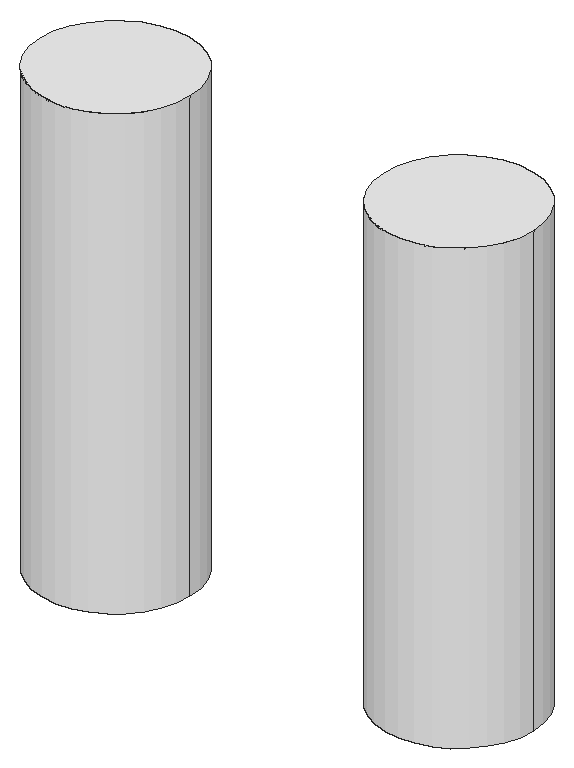
Revit family "93012009(2023)", category Plumbing Fixtures, Revit 2020
Family settings
  Round Connector Dimension = Use Diameter
  Part Type = Normal
  OmniClass Number = 23.45.55.00
  OmniClass Title = Sanitary Faucets, Wastes
  Work Plane-Based = No
  Always vertical = Yes
  Cut with Voids When Loaded = No
  Shared = No
  Room Calculation Point = No
Parameters (values of type "93012009 HANSAELECTRA")
  Working Pressure = "100 - 1000 kPa"
  WarrantyStartDate [instance] = "n/a"
  WarrantyGuarantorParts = "n/a"
  WarrantyGuarantorLabor = "n/a"
  WarrantyDurationUnit = "Year"
  WarrantyDurationParts = "n/a"
  WarrantyDurationLabor = "n/a"
  WarrantyDescription = "http://warranty.hansa.com"
  Warranty Information URL = "http://warranty.hansa.com"
  VersionDate = "20/02/2024"
  Version = "1"
  ValvePattern = "n/a"
  ValveOperation = "n/a"
  ValveMechanism = "n/a"
  Uniclass2015Reference = "Pr_40_20_87_96"
  Uniclass2015Description = "Washbasin manual water supply sets"
  Uniclass2 = "Pr_40_30_96_96"
  URL WEEE = "http://static.hansa.com/WEEE/93012009"
  URL REACH = "http://static.hansa.com/doc/reach"
  URL Materials Declaration = "http://www.hansa.com/fileadmin/resources/188806_93012009_materialsdeclaration.pdf"
  URL Environmental Product Declaration EPD = "http://www.hansa.com/fileadmin/resources/189536_Oras Group EPD_Touchless composite washbasin faucet.pdf"
  URL EcoLabel Declaration = "http://static.hansa.com/doc/EcoLabel"
  URL EU Packaging Declaration = "http://static.hansa.com/doc/packaging"
  URL Declaration of SCIP = "http://static.hansa.com/doc/SCIP"
  URL Declaration of Conformity = "http://static.hansa.com/DoC/93012009"
  URL Declaration of Asbestos = "http://static.hansa.com/doc/asbestos"
  URL Declaration Of Performance (DOP) = "http://static.hansa.com/doc/DoP"
  URL = ""
  UNSPSC Class Number = "30181700 Faucets or taps"
  Type Comments = ""
  TestPressure = "n/a"
  Technical DataSheet URL = "http://www.hansa.com/datasheet/93012009/en"
  TagNumber [instance] = "n/a"
  SustainabilityPerformance = "n/a"
  Surface treatment = "Chrome"
  Spout Type = "Fixed spout"
  Spout Projection = "118 mm"
  Size = "55x165x190 mm"
  Short Marketing = "Electra 93 series is giving you a whole new modern design with its rounded square body and spout giving you new fresh and updated design.\nThe tall design compliments the new trends of modern bathroom of more square design and shallow sinks, where the extra height gives you more comfortable usage.\n\nKey Features\nAerator with Tilt function +/- 10° for more flexible installation\nNewest Sensor technology for better detection and operation comfort\nBluetooth technology for easy adjustment to personalize settings \nColdwater\nPower Plug"
  Shape = "Sculptured"
  SerialNumber [instance] = "n/a"
  Sales Package dimensions (LxWxH) = "568 x 182 x 78"
  Revision = "n/a"
  ReplacementCost = "n/a"
  Protection Class = "IP 55 / transformer IP 20"
  ProductInformation = "n/a"
  Product URL = "http://static.hansa.com/93012009"
  Product Image URL = "http://static.hansa.com/image/93012009"
  Product Family = "null Touchless;Plug transformer;Bluetooth®;Lead free"
  Product Code = "93012009"
  OperatingMechanismMaterial = "n/a"
  Operating Voltage = 9 V
  Operating Distance = "20-130 mm (110/130/160 mm)"
  NominalWidth = 54.609 mm
  NominalHeight = 190 mm
  NominalDepth = 163.081 mm
  Noise Class = "I (ISO 3822) "
  Name_en = "93012009 HANSAELECTRA"
  Name = "93012009 HANSAELECTRA"
  NBSReference = "45-35-70/371"
  NBSDescription = "Water supply fittings for wash basins and troughs"
  Mounting Holes = "1 hole"
  ModelReference = "93012009"
  ModelNumber = "n/a"
  Model = "93012009 HANSAELECTRA"
  Mobile Product Information URL = "http://mpi.hansa.com/93012009"
  Mechanical Parts = "Non-return valve(s);Litter filter(s)"
  Max. Hot Water Supply = 70 °C
  Max Flow Period = "2 min (1 - 1800 s)"
  Material = "Composite"
  Market = "International;Germany;Austria;Switzerland;Belgium;Netherlands;Italy"
  ManufacturerURL = "http://www.hansa.com"
  ManufacturerName = "HANSA"
  Manufacturer = "HANSA"
  Long Marketing = "Bluetooth Touchless faucet with tilt aerator. +/- 10° adjustment option.\nSMART intelligent bluetooth sensor with 3 optical lenses for improved performance supported by app connection for personalized and easy adjustment of sensor settings.\nMetal free waterways due to high pressure composite construction and easy installation due to fast and easy 3S installation system."
  Keynote = ""
  Interactive AR View URL = "https://static.hansa.com/AR/93012009"
  InstallationDate [instance] = "n/a"
  Installation and Maintenance Guide URL = "http://static.hansa.com/manual/93012009"
  Installation Type = "Deck mounted"
  InletConnectionSize = 10 mm
  IfcExportType = "FAUCET"  # constant formula
  IfcExportAs = "IfcValveType"  # constant formula
  Group = "Sales item"
  Grade = "n/a"
  FlowCoefficient = 0
  Finish = "Polished"
  Features = "Washbasin faucet"
  FaucetMainMaterial = Brass
  FDV Document URL = "http://www.hansa.com/datasheet/93012009/en/fdv"
  ExpectedLife = "n/a"
  Electronic Parts = ";Power supply;Light indicated function(s)"
  Electrical Connection = "230 / 9 V"
  ETIM Class Number = "EC010340 Electronic tap"
  EN Standard = "EN 15091,\nETSI EN 301 489-1 V1.9.2 , \nETSI EN 300 328 v2.2.2 , \nEN 61000-6-1:2007 , \nEN 61000-6-3:2007+A1:2011+AC:2012 , \nEN 60335-1:2012+A11+A13+A1+A14+A2+A15:2021, Part 19.11.4"
  EMC Directive = "Radio Equipment Directive 2014/53/EU , \nLow Voltage Directive 2014/35/EU , \nEMC Directive 2014/30/EU , \nRoHS Directive 2011/65/EU"
  EAN Number = "4057304019524"
  DurationUnit = "Year"
  Dimension Drawing URL = "http://static.hansa.com/dimdrw/93012009"
  Description = ""
  DefaultElevation [instance] = 900 mm
  Default Elevation = 0 mm
  Constituents = "n/a"
  Connection Size = "G3/8"
  Connection = "Flexible inlet pipes;One inlet for cold or premixed water"
  Color = "Chrome"
  CodePerformance = "n/a"
  CloseOffRating = 0
  Catalog Drawing URL = "http://static.hansa.com/catdrw/93012009"
  CO2 Emissions (D) = -0.61
  CO2 Emissions (C4) = 0.78
  CO2 Emissions (C3) = 0
  CO2 Emissions (C2) = 0.01
  CO2 Emissions (A4) = 0.13
  CO2 Emissions (A1-A3) = 3.26
  Brand = "HANSA"
  BodyMaterial = "Brass"
  Bluetooth = "5.x (D060576)"
  Barcode [instance] = "n/a"
  Backflow Prevention EN1717 = "EB"
  BIMObjectName = "93012009(2023)"
  Automatic Flush Period = "30 s (1-1800 s)"
  Automatic Flush Frequency = "off (off/1-120 h)"
  Author = "BIMStone"
  AssetType = "Fixed"
  AssetIdentifier [instance] = "n/a"
  Afterflow Period = "3 s (1-20 s)"
  Aerator = "PCA® - constant flow rate regardless of pressure variations;Adjustable flow angle"
  Advanced Features = "3S-installation system for safe and simple mounting;Software settings adjustable via App"
  AccessibilityPerformance = "n/a"
  3D View = "https://static.hansa.com/AR/93012009"
  2D/3D/BIM Files URL = "http://static.hansa.com/bim/93012009"
Reference planes
  plane 1 "Center (Front/Back)": y = 0
  plane 2: z = 0
  plane 3 "Center (Left/Right)": x = 0
  plane 4: x = -27.304
  plane 5: z = 900
  plane 6: z = 870
  plane 7: y = -163.081
  plane 8: x = 27.304
  plane 9: z = 1090
Forms (mm)
  Extrusion 1, solid, material "Brass" <- "FaucetMainMaterial"
    sketch origin (0, -2.393, 0) x (1, 0, 0) y (0, 1, 0)
      loop
        circle (-11.5, -22.5) r 5
      loop
        circle (11.5, -22.5) r 5
    from 870 to 900
Dimensions and locks
  "DefaultElevation": plane 5 to level
  locked: plane 5 to plane 6 at 30
  "NominalDepth": plane 7 to plane 1 "Center (Front/Back)"
  equal spacing: plane 4, plane 3 "Center (Left/Right)", plane 8
  "NominalHeight": plane 9 to plane 5
  "NominalWidth": plane 4 to plane 8
  "InletConnectionSize": diameter of Extrusion 1 sketch curve  (x2)
  aligned and locked: level to plane 2
  aligned and locked: plane 5 to Extrusion 1
  aligned and locked: Extrusion 1 to plane 6
  aligned and locked: plane 1 "Center (Front/Back)" to nested 2
  aligned and locked: plane 3 "Center (Left/Right)" to nested 2
  aligned and locked: plane 3 "Center (Left/Right)" to nested 1
  aligned and locked: plane 1 "Center (Front/Back)" to nested 1
  aligned and locked: plane 5 to nested 2
Automatic sketch dimensions
  Extrusion 1 sketch curve to plane 3 "Center (Left/Right)" = 11.5 mm
  plane 3 "Center (Left/Right)" to Extrusion 1 sketch curve = 11.5 mm
  plane 1 "Center (Front/Back)" to Extrusion 1 sketch curve = 24.893 mm
  Extrusion 1 sketch curve to Extrusion 1 sketch curve = 0 mm
Nested families
  nested 1: "Symbol" at (0, 0, 0), type "Symbol", detail levels coarse
  nested 2: "93012009(2023)_Body" at (0, 0, 900), Material <- "FaucetMainMaterial", type "93012009(2023)_Body"
    with Material Brass
Connectors
  piping at (-11.5, -24.893, 870), diameter 10, driven by "InletConnectionSize"
    settings: on Extrusion 1, index 1, connector inside diameter 609.6 mm, connector length 0 mm, flow factor 0, pipe flow 0.2 L/s, pressure drop 0.0 Pa, fitting loss kfactor 0, connector angle 0.00°, fixture units 0, engagement length 0 mm, angle of deflection 0.00°, flow configuration 1, flow direction 1, fitting loss method 0, system type 19, joint type 0, gender type 0, connector reference index -1, connector utility 0, adjustable connector no, is connector primary yes, connector description ""
  piping at (11.5, -24.893, 870), diameter 10, driven by "InletConnectionSize"
    settings: on Extrusion 1, index 2, connector inside diameter 609.6 mm, connector length 0 mm, flow factor 0, pipe flow 0.2 L/s, pressure drop 0.0 Pa, fitting loss kfactor 0, connector angle 0.00°, fixture units 0, engagement length 0 mm, angle of deflection 0.00°, flow configuration 1, flow direction 1, fitting loss method 0, system type 20, joint type 0, gender type 0, connector reference index -1, connector utility 0, adjustable connector no, is connector primary no, connector description ""
Definition of nested family "Symbol"
  Reference planes
    plane 1: y = 0
    plane 2: x = 0
  Lines and regions (mm)
    detail lines
      curve 1: line (0, 0, 0) -> (0, -1.8, 0)
      curve 2: line (-0.4, -1.1, 0) -> (0.4, -1.1, 0)
      curve 3: line (-0.4, -1.4, 0) -> (0.4, -1.4, 0)
      curve 4: line (0.863, 0, 0) -> (-0.863, 0, 0)
      curve 5: circle (-1.163, 0, 0) r 0.3 normal (0, 0, -1)
      curve 6: circle (1.163, 0, 0) r 0.3 normal (0, 0, 1)
